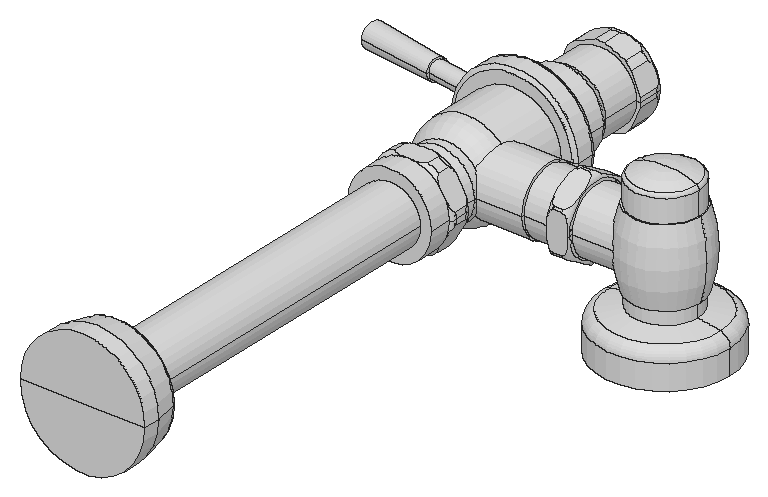
Revit family "Plumbing-Flushometer-Sloan-Valve-Dolphin-Type-I-Class-B_", category Plumbing Fixtures, host Face, Revit 2019
Family settings
  Host = Face
  Round Connector Dimension = Use Diameter
  Part Type = Normal
  OmniClass Number = 23.45.05.14.99
  OmniClass Title = Other Sanitary Washing Plumbing Fixtures
  Cut with Voids When Loaded = No
  Shared = No
  Room Calculation Point = No
Parameters (values of type "DOLPHIN TYPE I CLASS B-1.6-B")
  Water Inlet Connection Diameter = 1"  # constant formula
  Water Inlet Connection Description = "Water Inlet Connection"  # constant formula
  Waste Connection = no
  WFU = 0
  Vent Connection = no
  Valve Pressure Drop = 0.00 psi
  URL = "www.sloanvalve.com"
  Product data url = "https://bimobject.com/sloan_valve/product/flushometers_dolphin-type-i-class-b"
  Product Material = Sloan Valve - Finish - Polished Chrome
  Product Guid = ""
  Part Number = "3057002"
  Operating Water Pressure = "15 – 80 PSI (103 – 552 kPa)"  # constant formula
  Model = "DOLPHIN TYPE I CLASS B-1.6-B"
  Manufacturer = "Sloan Valve"  # constant formula
  Keynote = "15410"
  Height = 16 3/8"  # constant formula
  HWFU = 0
  HW Connection = no
  Flush Rate = "1.6 gpf (6.0 Lpf)"
  Edition number = 1
  Description = "1.6 gpf, Polished Chrome Finish, Fixture Connection Top Spud, Single Flush, Back of Valve Inlet, Dolphin Exposed Manual Water Closet Flushometer."
  Default Elevation = 0"
  Centerline of Supply to Centerline of Valve = 4 3/4"  # constant formula
  Centerline of Supply from Top of Fixture = 11 1/2"  # constant formula
  CWFU = 0
  CW Connection = yes
  Assembly Code = "D2020300"
Reference planes (in)
  plane 1 "Center (Front/Back)": y = -1.25
  plane 2: z = 0
  plane 3 "Center (Left/Right)": x = 0
  plane 4: y = -12.75
  plane 5: x = 4.75
Dimensions and locks (in)
  plane 4 to nested 1 = 16.32677"
  aligned and locked: plane 2 to host face
  aligned and locked: level to host face
Nested families (in)
  nested 1: "Geometry" at (0, -12.75, 0) x (1, 0, 0) z (0, 1, 0), type "Geometry"
Connectors (in)
  piping at (4.75, -1.25, 0), diameter 1, driven by "Water Inlet Connection Diameter", driven by "CWFU", driven by "Valve Pressure Drop", driven by "Water Inlet Connection Description"
    settings: on nested 1, index 3, connector inside diameter 24", connector length 0", flow factor 0, pipe flow 0 GPM, pressure drop 0.00 psi, fitting loss kfactor 0, connector angle 0.00°, fixture units 0, engagement length 0", angle of deflection 0.00°, flow configuration 3, flow direction 1, fitting loss method 4, system type 20, joint type 0, gender type 0, connector reference index -1, connector utility 0, adjustable connector no, is connector primary yes, connector description "Water Inlet Connection"
Definition of nested family "Geometry"
  Parameters (values of type "Geometry")
    URL = ""
    Product Material = none
    Model = ""
    Manufacturer = ""
    Keynote = ""
    Description = ""
    Default Elevation = 0"
    Assembly Code = ""
  Reference planes (in)
    plane 1 "Center (Front/Back)": y = 0
    plane 2: z = 0
    plane 3 "Center (Left/Right)": x = 0
    plane 4: x = 4.75
    plane 5: y = -2.25
    plane 6: z = 11.5
    plane 7: z = 16.32677
    plane 8: z = 15.48819
    plane 9: x = -0.98425
    plane 10: z = 14.56299
    plane 11: z = 13.42913
    plane 12: z = 11.5
    plane 13: z = 10.87008
    plane 14: z = 10.64567
    plane 15: z = 10.26772
    plane 16: z = 13.88189
    plane 17: through (-5.0569, -180, 14.67508) normal (0.1564, 0, 0.9877)
    plane 18: through (-4.5093, -180, 14.58477) normal (-0.9867, 0, 0.1627)
    plane 19: z = 1.10236
    plane 20: x = 1.49606
    plane 21: z = 1.05236
    plane 22: x = 1.36024
  Forms (in)
    Extrusion 1, solid
      sketch origin (0, 0, 0) x (1, 0, 0) y (0, 1, 0)
        loop
          line (-48, 48) -> (-48, -48) -> (48, -48) -> (48, 48) -> (-48, 48)
      from 0 to -12
    Extrusion 2, solid, material <- "Product Material", not visible
      sketch origin (0, 0, 0) x (1, 0, 0) y (0, 0, 1)
        loop
          circle (4.75, 11.5) r 1
      from 0.07956 to 0
    Revolve 3, solid, material <- "Product Material"
      sketch origin (0, 3, 11.5) x (1, 0, 0) y (0, 1, 0)
        loop
          arc (5.59646, -6.1752) -> (5.75502, -5.25) -> (5.59646, -4.3248) r 2.77845
          line (5.59646, -4.3248) -> (5.5374, -4.3248) -> (5.5374, -3.99194)
          arc (5.5374, -3.99194) -> (5.8144, -3.95568) -> (6.08617, -3.89103) r 2.70259
          arc (6.08617, -3.89103) -> (6.24431, -3.78128) -> (6.30512, -3.59864) r 0.3047
          line (6.30512, -3.59864) -> (6.30512, -3) -> (4.75, -3) -> (4.75, -6.97813)
          arc (4.75, -6.97813) -> (5.13409, -6.94086) -> (5.49815, -6.81288) r 1.60287
          arc (5.49815, -6.81288) -> (5.54115, -6.77387) -> (5.55709, -6.71804) r 0.10577
          line (5.55709, -6.71804) -> (5.55709, -6.1752) -> (5.59646, -6.1752)
        axis (4.75, -3) -> (4.75, -6.97813)
      angle from 0 to 360
    Revolve 4, solid, material <- "Product Material"
      sketch origin (0, -2.25, -15) x (1, 0, 0) y (0, 0, 1)
        loop
          line (1.49606, 15) -> (1.49606, 15.41339) -> (1.3704, 16.00454)
          arc (1.3704, 16.00454) -> (1.34962, 16.04163) -> (1.31148, 16.06042) r 0.07165
          arc (1.31148, 16.06042) -> (1.04671, 16.09164) -> (0.78031, 16.10206) r 3.40813
          line (0.78031, 16.10206) -> (0, 16.10206) -> (0, 15) -> (1.49606, 15)
        axis (0, 15) -> (0, 16.10206)
      angle from 0 to 360
    Revolve 5, solid, material <- "Product Material"
      sketch origin (0, -2.25, -15) x (1, 0, 0) y (0, 0, 1)
        loop
          line (0, 31.32677) -> (-0.62992, 31.32677) -> (-0.8835, 31.14927)
          arc (-0.8835, 31.14927) -> (-0.95755, 31.06484) -> (-0.98425, 30.95575) r 0.23622
          line (-0.98425, 30.95575) -> (-0.98425, 30.48819) -> (-0.8622, 30.48819) -> (-0.8622, 29.56299) -> (-0.98031, 29.36614) -> (-0.98031, 28.42913) -> (-1.44882, 28.42913)
          arc (-1.44882, 28.42913) -> (-1.5045, 28.40607) -> (-1.52756, 28.35039) r 0.07874
          line (-1.52756, 28.35039) -> (-1.52756, 27.93701) -> (-1.4252, 27.87795) -> (-1.14173, 27.87795) -> (-1.14173, 26.5)
          arc (-1.14173, 26.5) -> (-1.06982, 26.15622) -> (-0.86614, 25.87008) r 0.85771
          line (-0.86614, 25.87008) -> (-0.86614, 25.64567) -> (-0.82677, 25.26772) -> (0, 25.26772) -> (0, 31.32677)
        axis (0, 31.32677) -> (0, 25.26772)
      angle from 0 to 360
    Revolve 6, solid, material <- "Product Material"
      sketch origin (0, -2.25, -13.75) x (1, 0, 0) y (0, 0, 1)
        loop
          line (0, 26.05709) -> (0, 25.25) -> (4.10919, 25.25) -> (4.10919, 26.01772) -> (3.12494, 26.01772) -> (3.12494, 26.07677)
          arc (3.12494, 26.07677) -> (3.07881, 26.18813) -> (2.96746, 26.23425) r 0.15748
          line (2.96746, 26.23425) -> (2.75117, 26.23425)
          arc (2.75117, 26.23425) -> (2.63981, 26.18813) -> (2.59369, 26.07677) r 0.15748
          line (2.59369, 26.07677) -> (2.59369, 26.01772) -> (1.97042, 26.01772) -> (1.97042, 26.05709) -> (0, 26.05709)
        axis (0, 25.25) -> (4.10919, 25.25)
      angle from 0 to 360
    Extrusion 7, solid, material <- "Product Material"
      sketch origin (2.25, -2.25, 0.40132) x (0, -1, 0) y (0, 0, 1)
        loop
          circle (0, 13.37362) r 0.52756
      from 2.25 to 3.68307
    Revolve 8, solid, material <- "Product Material"
      sketch origin (2.25, -2.25, 0) x (1, 0, 0) y (0, 0, 1)
        loop
          line (-3.23589, 13.81106) -> (-3.23589, 14.0303) -> (-5.01019, 14.31132) -> (-5.00403, 14.3502) -> (-6.74592, 14.66595) -> (-6.79211, 14.37431) -> (-3.23589, 13.81106)
        axis (-3.23589, 13.81106) -> (-6.79211, 14.37431)
      angle from 0 to 360
    Extrusion 9, void
      sketch origin (0, 0, 0) x (1, 0, 0) y (0, 1, 0)
        loop
          line (0.72318, -1.52682) -> (0.80733, -1.44267)
          arc (0.80733, -1.44267) -> (0.43692, -1.19518) -> (0, -1.10827) r 1.14173
          line (0, -1.10827) -> (0, -1.22727) -> (0.72318, -1.52682)
        loop
          line (-0.72318, -2.97318) -> (-0.80733, -3.05733)
          arc (-0.80733, -3.05733) -> (-0.43692, -3.30482) -> (0, -3.39173) r 1.14173
          line (0, -3.39173) -> (0, -3.27273) -> (-0.72318, -2.97318)
      from 15.04326 to 16.62359
    Extrusion 10, void
      sketch origin (0, 0, 0) x (1, 0, 0) y (0, 1, 0)
        loop
          line (0, -1.22727) -> (0, -1.10827)
          arc (0, -1.10827) -> (-0.43692, -1.19518) -> (-0.80733, -1.44267) r 1.14173
          line (-0.80733, -1.44267) -> (-0.72318, -1.52682) -> (0, -1.22727)
        loop
          line (0, -3.27273) -> (0, -3.39173)
          arc (0, -3.39173) -> (0.43692, -3.30482) -> (0.80733, -3.05733) r 1.14173
          line (0.80733, -3.05733) -> (0.72318, -2.97318) -> (0, -3.27273)
      from 15.14778 to 16.56034
    Extrusion 11, void
      sketch origin (0, 0, 0) x (1, 0, 0) y (0, 1, 0)
        loop
          line (-0.72318, -1.52682) -> (-0.80733, -1.44267)
          arc (-0.80733, -1.44267) -> (-1.05482, -1.81308) -> (-1.14173, -2.25) r 1.14173
          line (-1.14173, -2.25) -> (-1.02273, -2.25) -> (-0.72318, -1.52682)
        loop
          line (0.72318, -2.97318) -> (0.80733, -3.05733)
          arc (0.80733, -3.05733) -> (1.05482, -2.68692) -> (1.14173, -2.25) r 1.14173
          line (1.14173, -2.25) -> (1.02273, -2.25) -> (0.72318, -2.97318)
      from 15.14778 to 16.56034
    Extrusion 12, void
      sketch origin (0, 0, 0) x (1, 0, 0) y (0, 1, 0)
        loop
          line (-1.02273, -2.25) -> (-1.14069, -2.29886)
          arc (-1.14069, -2.29886) -> (-1.05482, -2.68692) -> (-0.84113, -3.02204) r 1.14173
          line (-0.84113, -3.02204) -> (-0.72318, -2.97318) -> (-1.02273, -2.25)
        loop
          line (1.02273, -2.25) -> (1.14069, -2.20114)
          arc (1.14069, -2.20114) -> (1.05482, -1.81308) -> (0.84113, -1.47796) r 1.14173
          line (0.84113, -1.47796) -> (0.72318, -1.52682) -> (1.02273, -2.25)
      from 15.04326 to 16.62359
    Extrusion 13, void
      sketch origin (0, 0, 0) x (0, 1, 0) y (0, 0, 1)
        loop
          line (-2.75007, 12.36614) -> (-3.25013, 11.5) -> (-2.75007, 10.63386) -> (-1.74993, 10.63386) -> (-1.24987, 11.5) -> (-1.74993, 12.36614) -> (-2.75007, 12.36614)
        loop
          circle (-2.25, 11.5) r 1.14765
      from 2.39057 to 3.41203
    Revolve 14, solid, material <- "Product Material"
      sketch origin (60, -2.25, 65) x (1, 0, 0) y (0, 0, 1)
        loop
          line (-60, -54.73228) -> (-60.94488, -54.73228)
          arc (-60.94488, -54.73228) -> (-61.0284, -54.76688) -> (-61.06299, -54.85039) r 0.11811
          line (-61.06299, -54.85039) -> (-61.06299, -55.16535)
          arc (-61.06299, -55.16535) -> (-61.0284, -55.24887) -> (-60.94488, -55.28346) r 0.11811
          line (-60.94488, -55.28346) -> (-60, -55.28346) -> (-60, -54.73228)
        axis (-60, -54.73228) -> (-60, -55.28346)
      angle from 0 to 360
    Extrusion 15, void
      sketch origin (0, 0, 0) x (1, 0, 0) y (0, 1, 0)
        loop
          line (0.56826, -3.23425) -> (1.13652, -2.25) -> (0.56826, -1.26575) -> (-0.56826, -1.26575) -> (-1.13652, -2.25) -> (-0.56826, -3.23425) -> (0.56826, -3.23425)
        loop
          circle (0, -2.25) r 1.27435
      from 9.49041 to 10.52512
    Extrusion 16, solid, material <- "Product Material"
      sketch origin (0, 0, 0) x (1, 0, 0) y (0, 1, 0)
        loop
          circle (0, -2.25) r 1
      from 9.20511 to 9.71692
    Extrusion 17, solid, material <- "Product Material"
      sketch origin (0, 0, 0) x (1, 0, 0) y (0, 1, 0)
        loop
          circle (0, -2.25) r 0.7189
      from 1.28583 to 9.20511
    Extrusion 18, solid, material <- "Product Material"
      sketch origin (0, 0, 0) x (1, 0, 0) y (0, 1, 0)
        loop
          circle (0, -2.25) r 1.06299
      from 1.07402 to 1.28583
    Extrusion 19, void
      sketch origin (0, 0, 0) x (1, 0, 0) y (0, 1, 0)
        loop
          line (0.56826, -3.23425) -> (1.13652, -2.25) -> (0.56826, -1.26575) -> (-0.56826, -1.26575) -> (-1.13652, -2.25) -> (-0.56826, -3.23425) -> (0.56826, -3.23425)
        loop
          circle (0, -2.25) r 1.24078
      from 0.8307 to 1.52631
  Cuts and joins
    Extrusion 9, Extrusion 10, Extrusion 11, Extrusion 12 cuts Revolve 5
    Extrusion 13 cuts Revolve 6
    joined: Revolve 3, Revolve 5, Revolve 6, Extrusion 7
    Extrusion 15 cuts Revolve 14
    Extrusion 19 cuts Extrusion 18
  Lines and regions (in)
    Masking region 1
      outline origin (0, 0, 0) x (1, 0, 0) y (0, 1, 0)
        loop
          line (2.59369, -1.48228) -> (1.97042, -1.48228) -> (1.97042, -1.44182) -> (1.40349, -1.44182)
          arc (1.40349, -1.44182) -> (-0.3139, -0.66116) -> (-1.60538, -2.03626) r 1.61955
          line (-1.60538, -2.03626) -> (-2.77204, -2.03626)
          spline (-2.77204, -2.03626) -> (-2.77369, -2.02969) -> (-2.77539, -2.02363) -> (-2.77713, -2.01811) -> (-2.77891, -2.01313) -> (-2.78072, -2.00871) -> (-2.78257, -2.00486) -> (-2.78444, -2.00159) -> (-2.78634, -1.9989) -> (-2.78825, -1.9968) -> (-2.79018, -1.9953) -> (-2.79212, -1.9944) -> (-2.79406, -1.99409)
          line (-2.79406, -1.99409) -> (-4.54211, -1.95473)
          spline (-4.54211, -1.95473) -> (-4.54814, -1.95725) -> (-4.55406, -1.96479) -> (-4.55978, -1.9772) -> (-4.5652, -1.99429) -> (-4.57023, -2.01574) -> (-4.57477, -2.04121) -> (-4.57875, -2.07025) -> (-4.58211, -2.10236) -> (-4.58478, -2.137) -> (-4.58672, -2.17358) -> (-4.5879, -2.21146) -> (-4.5883, -2.25)
          spline (-4.5883, -2.25) -> (-4.5879, -2.28854) -> (-4.58672, -2.32642) -> (-4.58478, -2.363) -> (-4.58211, -2.39764) -> (-4.57875, -2.42975) -> (-4.57477, -2.45879) -> (-4.57023, -2.48426) -> (-4.5652, -2.50571) -> (-4.55978, -2.5228) -> (-4.55406, -2.53521) -> (-4.54814, -2.54275) -> (-4.54211, -2.54527)
          line (-4.54211, -2.54527) -> (-2.79406, -2.50591)
          spline (-2.79406, -2.50591) -> (-2.79217, -2.50562) -> (-2.79029, -2.50477) -> (-2.78841, -2.50335) -> (-2.78655, -2.50137) -> (-2.78471, -2.49883) -> (-2.78288, -2.49573) -> (-2.78108, -2.49209) -> (-2.77931, -2.48791) -> (-2.77758, -2.48321) -> (-2.77587, -2.47798) -> (-2.77421, -2.47225) -> (-2.7726, -2.46602)
          line (-2.7726, -2.46602) -> (-1.60508, -2.46602)
          arc (-1.60508, -2.46602) -> (-0.31137, -3.83934) -> (1.40491, -3.05572) r 1.61955
          line (1.40491, -3.05572) -> (1.97042, -3.05572) -> (1.97042, -3.01772) -> (2.59369, -3.01772) -> (2.59369, -3.1756) -> (2.62298, -3.23425) -> (3.09564, -3.23425) -> (3.12494, -3.1756) -> (3.12494, -3.01772) -> (3.85315, -3.01772) -> (3.90354, -3.1752) -> (3.94291, -3.1752) -> (3.94291, -3.71843)
          arc (3.94291, -3.71843) -> (3.95978, -3.77536) -> (4.00492, -3.81392) r 0.10452
          arc (4.00492, -3.81392) -> (4.75, -3.97229) -> (5.49508, -3.81392) r 1.83184
          arc (5.49508, -3.81392) -> (5.54022, -3.77536) -> (5.55709, -3.71843) r 0.10452
          line (5.55709, -3.71843) -> (5.55709, -3.1752) -> (5.59646, -3.1752)
          arc (5.59646, -3.1752) -> (5.75613, -2.25) -> (5.59646, -1.3248) r 2.76023
          line (5.59646, -1.3248) -> (5.5374, -1.3248) -> (5.5374, -0.99194)
          arc (5.5374, -0.99194) -> (5.8206, -0.95767) -> (6.09703, -0.88721) r 2.21037
          arc (6.09703, -0.88721) -> (6.24761, -0.77781) -> (6.30512, -0.6008) r 0.30114
          line (6.30512, -0.6008) -> (6.30512, 0) -> (3.19488, 0) -> (3.19488, -0.6008)
          arc (3.19488, -0.6008) -> (3.25239, -0.77781) -> (3.40297, -0.88721) r 0.30114
          arc (3.40297, -0.88721) -> (3.6794, -0.95767) -> (3.9626, -0.99194) r 2.21037
          line (3.9626, -0.99194) -> (3.9626, -1.3248) -> (3.90354, -1.3248) -> (3.85315, -1.48228) -> (3.12494, -1.48228) -> (3.12494, -1.3244) -> (3.09564, -1.26575) -> (2.62298, -1.26575) -> (2.59369, -1.3244) -> (2.59369, -1.48228)
    symbolic lines, detail levels medium+fine
      curve 1: line (2.59369, -1.48228, 0) -> (2.59369, -3.01772, 0)
      curve 2: line (3.12494, -3.01772, 0) -> (3.12494, -1.48228, 0)
      curve 4: line (3.90354, -1.3248, 0) -> (5.59646, -1.3248, 0)
      curve 5: line (3.9626, -0.99194, 0) -> (5.5374, -0.99194, 0)
      curve 6: line (3.94291, -3.1752, 0) -> (5.55709, -3.1752, 0)
      curve 9: arc (1.40349, -1.44182, 0) -> (1.61955, -2.25, 0) -> (1.40349, -3.05818, 0) r 1.61955
      curve 16: line (1.97042, -1.48228, 0) -> (1.97042, -3.01772, 0)
    symbolic lines, detail levels fine
      curve 3: arc (3.85315, -1.48228, 0) -> (4.1014, -2.25, 0) -> (3.85315, -3.01772, 0) r 1.3112
      curve 7: arc (-4.54211, -2.54527, 0) -> (-4.49592, -2.25, 0) -> (-4.54211, -1.95473, 0) r 0.96686
      curve 8: arc (-2.77204, -2.03626, 0) -> (-2.75403, -2.25114, 0) -> (-2.77204, -2.46602, 0) r 1.29031
      curve 10: circle (0, -2.25, 0) r 0.98425 normal (0, 0, 1)
      curve 11: line (-1.43307, -1.72244, 0) -> (-0.83092, -1.72244, 0)
      curve 12: line (-1.43307, -1.72244, 0) -> (-1.43307, -2.77756, 0)
      curve 13: line (-1.43307, -2.77756, 0) -> (-0.83092, -2.77756, 0)
      curve 14: line (-1.60508, -2.46602, 0) -> (-1.43307, -2.46602, 0)
      curve 15: line (-1.60538, -2.03626, 0) -> (-1.43307, -2.03626, 0)
  Dimensions and locks (in)
    Extrusion 2 sketch curve to plane 2 = 11 1/2"
    Extrusion 2 sketch curve to plane 3 "Center (Left/Right)" = 4 3/4"
    plane 3 "Center (Left/Right)" to plane 4 = 4 3/4"
    plane 6 to plane 2 = 11 1/2"
    plane 10 to plane 11 = 1.13386"
    Extrusion 7 to Revolve 5 sketch curve = 1.52756"
    plane 7 to plane 15 = 6.05906"
    plane 16 to plane 6 = 2.38189"
    plane 17 to Revolve 8 sketch curve = 0.21654"
    plane 18 to Revolve 8 sketch curve = 3.14961"
    plane 19 to Extrusion 1 = 1.10236"
    plane 20 to plane 3 "Center (Left/Right)" = 1.49606"
    plane 19 to plane 21 = 0.05"
    plane 20 to plane 22 = 0.13583"
    Revolve 14 sketch curve to Revolve 14 sketch curve = 0.55118"
    Revolve 14 sketch curve to plane 3 "Center (Left/Right)" = 1.06299"
    aligned and locked: plane 2 to Extrusion 1
    aligned and locked: level to Extrusion 1
    aligned and locked: Extrusion 2 to plane 1 "Center (Front/Back)"
  Automatic sketch dimensions
    Extrusion 1 sketch curve to Extrusion 1 sketch curve = 96"  (x2)
    plane 5 to Revolve 3 sketch curve = 0"
    Revolve 3 sketch curve to plane 4 = 0"  (x2)
    plane 1 "Center (Front/Back)" to Revolve 3 sketch curve = 0"
    plane 4 to Revolve 3 sketch curve = 1 99/128"
    Revolve 3 sketch curve to plane 4 = 0.03838"
    Revolve 3 sketch curve to plane 4 = 0.5756"
    Revolve 3 sketch curve to plane 4 = 0.70131"
    Revolve 3 sketch curve to plane 4 = 0.7874"
    Revolve 3 sketch curve to Revolve 3 sketch curve = 0.10577"
    Revolve 3 sketch curve to Revolve 3 sketch curve = 0.05906"
    Revolve 3 sketch curve to Revolve 3 sketch curve = 0.03937"
    Revolve 3 sketch curve to Revolve 3 sketch curve = 0.46302"
    Revolve 3 sketch curve to Revolve 3 sketch curve = 39/128"
    plane 5 to Revolve 3 sketch curve = 0.12572"
    plane 5 to Revolve 3 sketch curve = 0.9252"
    Revolve 3 sketch curve to Revolve 3 sketch curve = 0.54284"
    Revolve 3 sketch curve to Revolve 3 sketch curve = 0.26009"
    Revolve 3 sketch curve to Revolve 3 sketch curve = 0.33286"
    Revolve 3 sketch curve to Revolve 3 sketch curve = 0.59864"
    Revolve 3 sketch curve to plane 1 "Center (Front/Back)" = 1.70234"
    Revolve 3 sketch curve to Revolve 3 sketch curve = 0.09"
    Revolve 3 sketch curve to Revolve 3 sketch curve = 0.12423"
    Extrusion 7 sketch curve to plane 5 = 0"
    plane 6 to Extrusion 7 sketch curve = 2.27494"
    Revolve 5 sketch curve to plane 11 = 0"
    Revolve 5 sketch curve to plane 6 = 0"
    Revolve 5 sketch curve to plane 9 = 0"
    Revolve 5 sketch curve to plane 14 = 0"
    Revolve 5 sketch curve to plane 13 = 0"
    Revolve 5 sketch curve to plane 10 = 0"
    Revolve 5 sketch curve to plane 8 = 0"
    Revolve 5 sketch curve to plane 15 = 0"
    Revolve 5 sketch curve to plane 7 = 0"
    Revolve 5 sketch curve to plane 3 "Center (Left/Right)" = 0"  (x2)
    Revolve 5 sketch curve to plane 11 = 0.07874"
    Revolve 5 sketch curve to Revolve 5 sketch curve = 0.10236"
    Revolve 5 sketch curve to plane 9 = 0.15748"
    plane 9 to Revolve 5 sketch curve = 0.00394"
    plane 9 to Revolve 5 sketch curve = 0.10076"
    plane 9 to Revolve 5 sketch curve = 0.11811"
    plane 9 to Revolve 5 sketch curve = 0.12205"
    plane 9 to Revolve 5 sketch curve = 0.15748"
    Revolve 5 sketch curve to Revolve 5 sketch curve = 0.23622"
    Revolve 5 sketch curve to Revolve 5 sketch curve = 0.25357"
    Revolve 5 sketch curve to plane 11 = 0.55118"
    Revolve 5 sketch curve to Revolve 5 sketch curve = 0.05906"
    Revolve 5 sketch curve to plane 10 = 0.19685"
    Revolve 5 sketch curve to level = 24"
    Revolve 5 sketch curve to Revolve 5 sketch curve = 85.14205"
    plane 18 to Revolve 8 sketch curve = 0"
    Revolve 8 sketch curve to plane 17 = 0"  (x2)
    Revolve 8 sketch curve to plane 16 = 0"
    plane 16 to Revolve 8 sketch curve = 0.42943"
    Revolve 8 sketch curve to plane 16 = 0.07083"
    Revolve 8 sketch curve to Revolve 8 sketch curve = 0.00616"
    plane 16 to Revolve 8 sketch curve = 0.46176"
    Revolve 8 sketch curve to Revolve 8 sketch curve = 0.19357"
    plane 16 to Revolve 8 sketch curve = 0.78406"
    Extrusion 9 sketch curve to plane 3 "Center (Left/Right)" = 0.72318"
    plane 3 "Center (Left/Right)" to Extrusion 9 sketch curve = 0.72318"
    plane 5 to Extrusion 9 sketch curve = 0.72318"
    Extrusion 9 sketch curve to plane 5 = 0.72318"
    Extrusion 9 sketch curve to Extrusion 9 sketch curve = 0.08415"  (x4)
    Extrusion 9 sketch curve to Extrusion 9 sketch curve = 0.119"  (x2)
    Extrusion 9 sketch curve to Extrusion 9 sketch curve = 0"  (x2)
    Extrusion 9 sketch curve to plane 3 "Center (Left/Right)" = 0"
    plane 5 to Extrusion 9 sketch curve = 0"
    Extrusion 10 sketch curve to plane 3 "Center (Left/Right)" = 0"  (x2)
    plane 5 to Extrusion 10 sketch curve = 0"
    Extrusion 10 sketch curve to plane 3 "Center (Left/Right)" = 0.72318"
    Extrusion 10 sketch curve to Extrusion 10 sketch curve = 0.29955"
    Extrusion 10 sketch curve to Extrusion 10 sketch curve = 0.08415"  (x4)
    Extrusion 10 sketch curve to Extrusion 10 sketch curve = 0"  (x2)
    plane 3 "Center (Left/Right)" to Extrusion 10 sketch curve = 0.72318"
    plane 5 to Extrusion 10 sketch curve = 0.72318"
    Extrusion 10 sketch curve to Extrusion 10 sketch curve = 0.119"
    Extrusion 10 sketch curve to plane 5 = 0.72318"
    Extrusion 11 sketch curve to plane 3 "Center (Left/Right)" = 0"
    plane 5 to Extrusion 11 sketch curve = 0"
    Extrusion 11 sketch curve to plane 3 "Center (Left/Right)" = 0.72318"
    Extrusion 11 sketch curve to plane 5 = 0.72318"
    Extrusion 11 sketch curve to Extrusion 11 sketch curve = 0.119"  (x2)
    Extrusion 11 sketch curve to Extrusion 11 sketch curve = 0"  (x2)
    plane 3 "Center (Left/Right)" to Extrusion 11 sketch curve = 0.72318"
    Extrusion 11 sketch curve to Extrusion 11 sketch curve = 0.29955"  (x2)
    Extrusion 11 sketch curve to Extrusion 11 sketch curve = 0.08415"  (x3)
    Extrusion 12 sketch curve to Extrusion 12 sketch curve = 0"  (x2)
    plane 5 to Extrusion 12 sketch curve = 0"  (x3)
    Extrusion 12 sketch curve to plane 3 "Center (Left/Right)" = 0"
    Extrusion 12 sketch curve to Extrusion 12 sketch curve = 0.11795"  (x2)
    Extrusion 12 sketch curve to Extrusion 12 sketch curve = 0.29955"  (x2)
    plane 3 "Center (Left/Right)" to Extrusion 12 sketch curve = 0.72318"
    Extrusion 12 sketch curve to plane 5 = 0.04886"
    plane 5 to Extrusion 12 sketch curve = 0.72318"
    plane 5 to Extrusion 12 sketch curve = 0.04886"
    Revolve 6 sketch curve to plane 3 "Center (Left/Right)" = 0"
    Revolve 6 sketch curve to plane 6 = 0"  (x2)
    plane 6 to Revolve 6 sketch curve = 0.76772"
    plane 3 "Center (Left/Right)" to Revolve 6 sketch curve = 1.97042"
    Revolve 6 sketch curve to Revolve 6 sketch curve = 0.62326"
    Revolve 6 sketch curve to Revolve 6 sketch curve = 0.15748"  (x2)
    Revolve 6 sketch curve to Revolve 6 sketch curve = 0.21629"
    plane 4 to Revolve 6 sketch curve = 0.64081"
    Revolve 6 sketch curve to Revolve 6 sketch curve = 0"
    Revolve 6 sketch curve to Revolve 6 sketch curve = 0.03937"
    Revolve 6 sketch curve to Revolve 6 sketch curve = 0.05906"
    plane 3 "Center (Left/Right)" to Revolve 6 sketch curve = 3/4"
    Revolve 6 sketch curve to Revolve 6 sketch curve = 1/2"
    Extrusion 13 sketch curve to plane 6 = 0"  (x3)
    Extrusion 13 sketch curve to plane 5 = 0"
    plane 5 to Extrusion 13 sketch curve = 0.50007"  (x2)
    Extrusion 13 sketch curve to Extrusion 13 sketch curve = 1.00013"
    Extrusion 13 sketch curve to plane 5 = 0.50007"  (x2)
    Extrusion 13 sketch curve to plane 5 = 1.00013"
    Extrusion 13 sketch curve to plane 6 = 0.86614"
    plane 6 to Extrusion 13 sketch curve = 0.86614"
    Revolve 4 sketch curve to level = 0"
    Revolve 4 sketch curve to plane 3 "Center (Left/Right)" = 0"  (x2)
    Revolve 4 sketch curve to plane 20 = 0"
    Revolve 4 sketch curve to plane 22 = 0.57992"
    Revolve 4 sketch curve to plane 22 = 0.05992"
    plane 22 to Revolve 4 sketch curve = 0.01017"
    Revolve 4 sketch curve to level = 2.30606"
    level to Revolve 4 sketch curve = 0.41339"
    Revolve 4 sketch curve to plane 21 = 0.06272"
    Revolve 4 sketch curve to plane 21 = 0.04782"
    Revolve 4 sketch curve to plane 19 = 0.0003"
    Revolve 4 sketch curve to Revolve 4 sketch curve = 0"
    plane 19 to Revolve 4 sketch curve = 0.33406"
    Revolve 14 sketch curve to plane 3 "Center (Left/Right)" = 0"  (x2)
    Revolve 14 sketch curve to Revolve 14 sketch curve = 0.11811"  (x2)
    Revolve 14 sketch curve to plane 6 = 1.78346"
    Revolve 14 sketch curve to Revolve 14 sketch curve = 0.13501"
    Revolve 14 sketch curve to Revolve 14 sketch curve = 0.19685"
    plane 5 to Extrusion 15 sketch curve = 0"  (x3)
    Extrusion 15 sketch curve to plane 3 "Center (Left/Right)" = 0"
    Extrusion 15 sketch curve to plane 3 "Center (Left/Right)" = 0.56826"  (x2)
    Extrusion 15 sketch curve to Extrusion 15 sketch curve = 1.13652"
    plane 3 "Center (Left/Right)" to Extrusion 15 sketch curve = 0.56826"  (x2)
    Extrusion 15 sketch curve to Extrusion 15 sketch curve = 0.56826"
    plane 5 to Extrusion 15 sketch curve = 0.98425"
    Extrusion 15 sketch curve to plane 5 = 0.98425"
    Extrusion 16 sketch curve to plane 3 "Center (Left/Right)" = 0"
    plane 5 to Extrusion 16 sketch curve = 0"
    Extrusion 17 sketch curve to plane 3 "Center (Left/Right)" = 0"
    plane 5 to Extrusion 17 sketch curve = 0"
    Extrusion 18 sketch curve to plane 3 "Center (Left/Right)" = 0"
    plane 5 to Extrusion 18 sketch curve = 0"
    plane 5 to Extrusion 19 sketch curve = 0"  (x3)
    Extrusion 19 sketch curve to plane 3 "Center (Left/Right)" = 0"
    Extrusion 19 sketch curve to plane 3 "Center (Left/Right)" = 0.56826"  (x2)
    Extrusion 19 sketch curve to Extrusion 19 sketch curve = 1.13652"
    plane 3 "Center (Left/Right)" to Extrusion 19 sketch curve = 0.56826"  (x2)
    Extrusion 19 sketch curve to Extrusion 19 sketch curve = 0.56826"
    plane 5 to Extrusion 19 sketch curve = 0.98425"
    Extrusion 19 sketch curve to plane 5 = 0.98425"
    Masking region 1 sketch curve to Masking region 1 sketch curve = 0"  (x6)
    plane 5 to Masking region 1 sketch curve = 0"  (x5)
    Masking region 1 sketch curve to plane 3 "Center (Left/Right)" = 0"
    plane 1 "Center (Front/Back)" to Masking region 1 sketch curve = 0"
    Masking region 1 sketch curve to plane 4 = 0"
    plane 5 to Masking region 1 sketch curve = 0.21602"
    Masking region 1 sketch curve to plane 5 = 0.21374"
    Masking region 1 sketch curve to Masking region 1 sketch curve = 0.00031"
    Masking region 1 sketch curve to Masking region 1 sketch curve = 1.16666"
    Masking region 1 sketch curve to Masking region 1 sketch curve = 0.00055"
    plane 5 to Masking region 1 sketch curve = 0.25591"
    Masking region 1 sketch curve to Masking region 1 sketch curve = 0.02146"
    Masking region 1 sketch curve to plane 5 = 0.25591"
    Masking region 1 sketch curve to Masking region 1 sketch curve = 0.02201"
    Masking region 1 sketch curve to plane 5 = 0.29527"
    Masking region 1 sketch curve to Masking region 1 sketch curve = 1.74805"
    plane 5 to Masking region 1 sketch curve = 0.29527"
    Masking region 1 sketch curve to plane 5 = 0.80818"
    Masking region 1 sketch curve to Masking region 1 sketch curve = 0.56693"
    Masking region 1 sketch curve to Masking region 1 sketch curve = 0.62326"  (x2)
    Masking region 1 sketch curve to plane 5 = 0.98425"
    Masking region 1 sketch curve to Masking region 1 sketch curve = 0.02929"  (x4)
    Masking region 1 sketch curve to Masking region 1 sketch curve = 0.40222"
    Masking region 1 sketch curve to Masking region 1 sketch curve = 121/256"  (x2)
    Masking region 1 sketch curve to Masking region 1 sketch curve = 0.09924"
    Masking region 1 sketch curve to Masking region 1 sketch curve = 0.30114"  (x2)
    Masking region 1 sketch curve to Masking region 1 sketch curve = 0.72821"  (x2)
    Masking region 1 sketch curve to Masking region 1 sketch curve = 0.0504"  (x2)
    Masking region 1 sketch curve to Masking region 1 sketch curve = 0.03937"  (x2)
    Masking region 1 sketch curve to Masking region 1 sketch curve = 0.05906"  (x2)
    Masking region 1 sketch curve to Masking region 1 sketch curve = 0.10452"  (x2)
    plane 4 to Masking region 1 sketch curve = 0.66399"
    Masking region 1 sketch curve to plane 4 = 0.66399"
    Masking region 1 sketch curve to plane 4 = 0.70256"
    Masking region 1 sketch curve to plane 4 = 0.7874"
    Masking region 1 sketch curve to Masking region 1 sketch curve = 0.46658"
    plane 5 to Masking region 1 sketch curve = 0.76772"
    Masking region 1 sketch curve to Masking region 1 sketch curve = 0.038"
    Masking region 1 sketch curve to Masking region 1 sketch curve = 0.15748"  (x2)
    plane 5 to Masking region 1 sketch curve = 0.9252"
    Masking region 1 sketch curve to Masking region 1 sketch curve = 0.15788"  (x2)
    Masking region 1 sketch curve to Masking region 1 sketch curve = 0.05865"  (x3)
    Masking region 1 sketch curve to Masking region 1 sketch curve = 0.54323"  (x2)
    Masking region 1 sketch curve to plane 5 = 0.10955"
    Masking region 1 sketch curve to Masking region 1 sketch curve = 0.21654"  (x2)
    Masking region 1 sketch curve to Masking region 1 sketch curve = 0.33286"  (x2)
    plane 1 "Center (Front/Back)" to Masking region 1 sketch curve = 0.6008"
    Masking region 1 sketch curve to Masking region 1 sketch curve = 0.6008"
    Masking region 1 sketch curve to plane 1 "Center (Front/Back)" = 1.21498"  (x2)
    Masking region 1 sketch curve to Masking region 1 sketch curve = 0.04619"
    Masking region 1 sketch curve to Masking region 1 sketch curve = 0.56552"
    curve 9 to curve 10 = 0"  (x2)
    plane 5 to curve 7 = 0"
    curve 9 to plane 3 "Center (Left/Right)" = 0"
    plane 5 to curve 3 = 0"
    plane 5 to curve 10 = 0"
    plane 5 to curve 13 = 0.52756"
    curve 13 to plane 3 "Center (Left/Right)" = 1.43307"
    plane 5 to curve 8 = 0.00114"
    curve 8 to curve 14 = 2.61126"
    curve 7 to curve 8 = 1.41844"
    plane 4 to curve 3 = 1.9598"
    curve 12 to plane 5 = 0.52756"
    curve 12 to curve 13 = 0.60215"
    curve 14 to curve 14 = 0.17201"
    curve 15 to curve 15 = 0.17231"
    plane 5 to curve 8 = 0.21602"
    curve 8 to curve 14 = 1.16697"
    curve 8 to plane 5 = 0.21374"
    curve 7 to curve 8 = 0.49777"  (x2)
    plane 5 to curve 7 = 0.29527"
    plane 3 "Center (Left/Right)" to curve 9 = 1.40349"  (x2)
    plane 5 to curve 9 = 0.80818"
    curve 9 to curve 16 = 0.56693"
    curve 16 to curve 1 = 0.62326"
    curve 1 to curve 2 = 17/32"
    curve 2 to curve 3 = 0.72821"  (x2)
    curve 3 to curve 4 = 0.0504"
    curve 3 to curve 6 = 0.08977"
    curve 4 to curve 5 = 0.05906"
    curve 5 to plane 4 = 0.7874"
    curve 6 to plane 4 = 0.80709"
    curve 5 to curve 4 = 0.05906"
    plane 5 to curve 3 = 0.76772"
    curve 2 to curve 3 = 0"
    curve 9 to curve 16 = 0.04047"
    curve 1 to curve 2 = 0"  (x2)
    curve 6 to curve 3 = 0.15748"
    plane 5 to curve 14 = 0.21602"
    curve 15 to plane 5 = 0.21374"
    curve 1 to plane 5 = 0.76772"
    curve 16 to curve 9 = 0.04047"
    curve 4 to plane 5 = 0.9252"
    curve 4 to curve 5 = 0.33286"
    radius of Extrusion 2 sketch curve = 1"
    radius of Extrusion 7 sketch curve = 0.52756"
    radius of Extrusion 13 sketch curve = 1.14765"
    radius of Extrusion 15 sketch curve = 1.27435"
    radius of Extrusion 16 sketch curve = 1"
    radius of Extrusion 17 sketch curve = 0.7189"
    radius of Extrusion 18 sketch curve = 1.06299"
    radius of Extrusion 19 sketch curve = 1.24078"
